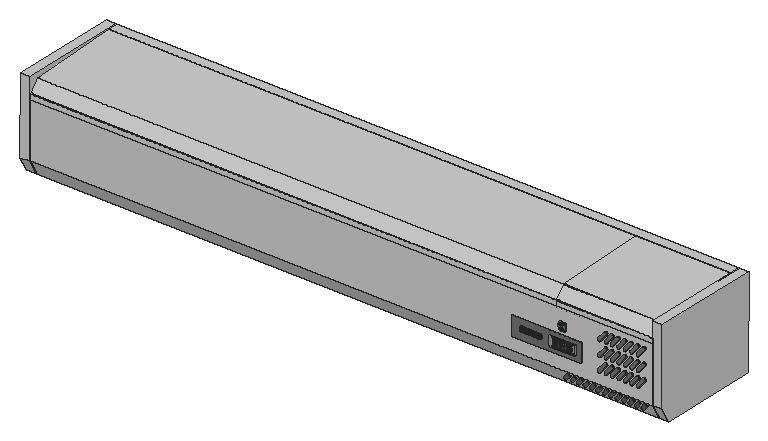
Revit family "QF_BLIZZARD_TOP2000-14EN", category Specialty Equipment, Revit 2016
Family settings
  Part Type = Normal
  Round Connector Dimension = Use Diameter
  OmniClass Number = 23.40.40.14
  OmniClass Title = Food Service Equipment
  Work Plane-Based = No
  Always vertical = Yes
  Cut with Voids When Loaded = No
  Shared = No
  Room Calculation Point = No
Parameters (values of type "TOP2000-14EN")
  URL = "www.blizzardequipment.com"
  Show Logo [instance] = yes
  Show Clearance [instance] = yes
  Model = "TOP2000-14EN"
  Manufacturer = "BLIZZARD"
  Description = "1/4 GASTRONORM PREP TOP WITH HINGED LID 2000MM"
  Assembly Code = "E1090320"
Reference planes
  plane 1 "Back": y = 0
  plane 2: z = 0
  plane 3 "Left": x = 0
  plane 4 "Right": x = 2000
  plane 5 "Front": y = -335
  plane 6 "Top": z = 281
Forms (mm)
  Extrusion 1, solid
    sketch origin (0, -4, -8) x (0, 1, 0) y (0, 0, 1)
      loop
        line (-331, 53) -> (-306, 8) -> (2.955, 8)
        arc (2.955, 8) -> (3.694, 8.306) -> (4, 9.045) r 1.045
        line (4, 9.045) -> (4, 289) -> (-331, 289) -> (-331, 53)
    from 0 to 30
  Extrusion 2, solid
    sketch origin (1970, -4, -8) x (0, 1, 0) y (0, 0, 1)
      loop
        line (-331, 53) -> (-306, 8) -> (2.955, 8)
        arc (2.955, 8) -> (3.694, 8.306) -> (4, 9.045) r 1.045
        line (4, 9.045) -> (4, 289) -> (-331, 289) -> (-331, 53)
    from 0 to 30
  Extrusion 3, solid
    sketch origin (-580, -4, -8) x (0, 1, 0) y (0, 0, 1)
      loop
        line (-331, 53) -> (-306, 8) -> (2.955, 8)
        arc (2.955, 8) -> (3.694, 8.306) -> (4, 9.045) r 1.045
        line (4, 9.045) -> (4, 289) -> (-26, 289) -> (-26, 38) -> (-288.348, 38) -> (-301, 60.774) -> (-301, 224.338) -> (-331, 224.338) -> (-331, 53)
    from 610 to 2550
  Extrusion 4, solid
    sketch origin (790, -333.5, -8.948) x (1, 0, 0) y (0, 0, 1)
      loop
        line (1030, 207.338) -> (1011.08, 183.441)
        arc (1011.08, 183.441) -> (1011.896, 176.418) -> (1018.92, 177.234) r 5
        line (1018.92, 177.234) -> (1037.84, 201.13)
        arc (1037.84, 201.13) -> (1037.024, 208.154) -> (1030, 207.338) r 5
      loop
        line (1050, 207.338) -> (1031.08, 183.441)
        arc (1031.08, 183.441) -> (1031.896, 176.418) -> (1038.92, 177.234) r 5
        line (1038.92, 177.234) -> (1057.84, 201.13)
        arc (1057.84, 201.13) -> (1057.024, 208.154) -> (1050, 207.338) r 5
      loop
        line (1070, 207.338) -> (1051.08, 183.441)
        arc (1051.08, 183.441) -> (1051.896, 176.418) -> (1058.92, 177.234) r 5
        line (1058.92, 177.234) -> (1077.84, 201.13)
        arc (1077.84, 201.13) -> (1077.024, 208.154) -> (1070, 207.338) r 5
      loop
        line (1090, 207.338) -> (1071.08, 183.441)
        arc (1071.08, 183.441) -> (1071.896, 176.418) -> (1078.92, 177.234) r 5
        line (1078.92, 177.234) -> (1097.84, 201.13)
        arc (1097.84, 201.13) -> (1097.024, 208.154) -> (1090, 207.338) r 5
      loop
        line (1110, 207.338) -> (1091.08, 183.441)
        arc (1091.08, 183.441) -> (1091.896, 176.418) -> (1098.92, 177.234) r 5
        line (1098.92, 177.234) -> (1117.84, 201.13)
        arc (1117.84, 201.13) -> (1117.024, 208.154) -> (1110, 207.338) r 5
      loop
        line (1130, 207.338) -> (1111.08, 183.441)
        arc (1111.08, 183.441) -> (1111.896, 176.418) -> (1118.92, 177.234) r 5
        line (1118.92, 177.234) -> (1137.84, 201.13)
        arc (1137.84, 201.13) -> (1137.024, 208.154) -> (1130, 207.338) r 5
      loop
        line (1150, 207.338) -> (1131.08, 183.441)
        arc (1131.08, 183.441) -> (1131.896, 176.418) -> (1138.92, 177.234) r 5
        line (1138.92, 177.234) -> (1157.84, 201.13)
        arc (1157.84, 201.13) -> (1157.024, 208.154) -> (1150, 207.338) r 5
      loop
        line (1030, 163.441) -> (1011.08, 139.545)
        arc (1011.08, 139.545) -> (1011.896, 132.521) -> (1018.92, 133.338) r 5
        line (1018.92, 133.338) -> (1037.84, 157.234)
        arc (1037.84, 157.234) -> (1037.024, 164.258) -> (1030, 163.441) r 5
      loop
        line (1050, 163.441) -> (1031.08, 139.545)
        arc (1031.08, 139.545) -> (1031.896, 132.521) -> (1038.92, 133.338) r 5
        line (1038.92, 133.338) -> (1057.84, 157.234)
        arc (1057.84, 157.234) -> (1057.024, 164.258) -> (1050, 163.441) r 5
      loop
        line (1070, 163.441) -> (1051.08, 139.545)
        arc (1051.08, 139.545) -> (1051.896, 132.521) -> (1058.92, 133.338) r 5
        line (1058.92, 133.338) -> (1077.84, 157.234)
        arc (1077.84, 157.234) -> (1077.024, 164.258) -> (1070, 163.441) r 5
      loop
        line (1090, 163.441) -> (1071.08, 139.545)
        arc (1071.08, 139.545) -> (1071.896, 132.521) -> (1078.92, 133.338) r 5
        line (1078.92, 133.338) -> (1097.84, 157.234)
        arc (1097.84, 157.234) -> (1097.024, 164.258) -> (1090, 163.441) r 5
      loop
        line (1110, 163.441) -> (1091.08, 139.545)
        arc (1091.08, 139.545) -> (1091.896, 132.521) -> (1098.92, 133.338) r 5
        line (1098.92, 133.338) -> (1117.84, 157.234)
        arc (1117.84, 157.234) -> (1117.024, 164.258) -> (1110, 163.441) r 5
      loop
        line (1130, 163.441) -> (1111.08, 139.545)
        arc (1111.08, 139.545) -> (1111.896, 132.521) -> (1118.92, 133.338) r 5
        line (1118.92, 133.338) -> (1137.84, 157.234)
        arc (1137.84, 157.234) -> (1137.024, 164.258) -> (1130, 163.441) r 5
      loop
        line (1150, 163.441) -> (1131.08, 139.545)
        arc (1131.08, 139.545) -> (1131.896, 132.521) -> (1138.92, 133.338) r 5
        line (1138.92, 133.338) -> (1157.84, 157.234)
        arc (1157.84, 157.234) -> (1157.024, 164.258) -> (1150, 163.441) r 5
      loop
        line (1030, 119.663) -> (1011.08, 95.767)
        arc (1011.08, 95.767) -> (1011.896, 88.743) -> (1018.92, 89.559) r 5
        line (1018.92, 89.559) -> (1037.84, 113.456)
        arc (1037.84, 113.456) -> (1037.024, 120.479) -> (1030, 119.663) r 5
      loop
        line (1050, 119.663) -> (1031.08, 95.767)
        arc (1031.08, 95.767) -> (1031.896, 88.743) -> (1038.92, 89.559) r 5
        line (1038.92, 89.559) -> (1057.84, 113.456)
        arc (1057.84, 113.456) -> (1057.024, 120.479) -> (1050, 119.663) r 5
      loop
        line (1070, 119.663) -> (1051.08, 95.767)
        arc (1051.08, 95.767) -> (1051.896, 88.743) -> (1058.92, 89.559) r 5
        line (1058.92, 89.559) -> (1077.84, 113.456)
        arc (1077.84, 113.456) -> (1077.024, 120.479) -> (1070, 119.663) r 5
      loop
        line (1090, 119.663) -> (1071.08, 95.767)
        arc (1071.08, 95.767) -> (1071.896, 88.743) -> (1078.92, 89.559) r 5
        line (1078.92, 89.559) -> (1097.84, 113.456)
        arc (1097.84, 113.456) -> (1097.024, 120.479) -> (1090, 119.663) r 5
      loop
        line (1110, 119.663) -> (1091.08, 95.767)
        arc (1091.08, 95.767) -> (1091.896, 88.743) -> (1098.92, 89.559) r 5
        line (1098.92, 89.559) -> (1117.84, 113.456)
        arc (1117.84, 113.456) -> (1117.024, 120.479) -> (1110, 119.663) r 5
      loop
        line (1130, 119.663) -> (1111.08, 95.767)
        arc (1111.08, 95.767) -> (1111.896, 88.743) -> (1118.92, 89.559) r 5
        line (1118.92, 89.559) -> (1137.84, 113.456)
        arc (1137.84, 113.456) -> (1137.024, 120.479) -> (1130, 119.663) r 5
      loop
        line (1150, 119.663) -> (1131.08, 95.767)
        arc (1131.08, 95.767) -> (1131.896, 88.743) -> (1138.92, 89.559) r 5
        line (1138.92, 89.559) -> (1157.84, 113.456)
        arc (1157.84, 113.456) -> (1157.024, 120.479) -> (1150, 119.663) r 5
    from 0 to 2
  Extrusion 5, solid
    sketch origin (1648, 205.936, 316.164) x (0, -0.34202, 0.939693) y (0, -0.939693, -0.34202)
      loop
        line (10.308, 247.326) -> (47.651, 233.734) -> (128.811, 499.195)
        arc (128.811, 499.195) -> (128.866, 499.813) -> (128.666, 500.4) r 1.501
        line (128.666, 500.4) -> (108.005, 535.217)
        arc (108.005, 535.217) -> (107.581, 535.724) -> (107.017, 536.068) r 2.032
        line (107.017, 536.068) -> (91.205, 542.456) -> (88.633, 535.39) -> (89.426, 502.22) -> (10.308, 247.326)
    from 24 to 322
  Extrusion 6, solid
    sketch origin (1250.536, -333.5, -1719.361) x (1, 0, 0) y (0, 0, 1)
      loop
        arc (285, 1864.135) -> (281.464, 1862.671) -> (280, 1859.135) r 5
        line (280, 1859.135) -> (280, 1809.135)
        arc (280, 1809.135) -> (281.464, 1805.6) -> (285, 1804.135) r 5
        line (285, 1804.135) -> (494.464, 1804.135)
        arc (494.464, 1804.135) -> (498, 1805.6) -> (499.464, 1809.135) r 5
        line (499.464, 1809.135) -> (499.464, 1859.135)
        arc (499.464, 1859.135) -> (498, 1862.671) -> (494.464, 1864.135) r 5
        line (494.464, 1864.135) -> (285, 1864.135)
    from 0 to 2
  Extrusion 7, solid
    sketch origin (1392.5, -333.5, -693.976) x (1, 0, 0) y (0, 0, 1)
      loop
        arc (260.5, 825) -> (258.379, 824.121) -> (257.5, 822) r 3
        line (257.5, 822) -> (257.5, 795.5)
        arc (257.5, 795.5) -> (258.379, 793.379) -> (260.5, 792.5) r 3
        line (260.5, 792.5) -> (334.5, 792.5)
        arc (334.5, 792.5) -> (336.621, 793.379) -> (337.5, 795.5) r 3
        line (337.5, 795.5) -> (337.5, 822)
        arc (337.5, 822) -> (336.621, 824.121) -> (334.5, 825) r 3
        line (334.5, 825) -> (260.5, 825)
    from 0 to 4
  Extrusion 8, solid
    sketch origin (1392.5, -336.5, -683.976) x (1, 0, 0) y (0, 0, 1)
      loop
        arc (278, 812.5) -> (275.879, 811.621) -> (275, 809.5) r 3
        line (275, 809.5) -> (275, 788)
        arc (275, 788) -> (275.879, 785.879) -> (278, 785) r 3
        line (278, 785) -> (317, 785)
        arc (317, 785) -> (319.121, 785.879) -> (320, 788) r 3
        line (320, 788) -> (320, 809.5)
        arc (320, 809.5) -> (319.121, 811.621) -> (317, 812.5) r 3
        line (317, 812.5) -> (278, 812.5)
    from 0 to 2
  Extrusion 9, solid
    sketch origin (1393.951, -337, -684.476) x (1, 0, 0) y (0, 0, 1)
      loop
        line (278.549, 800.5) -> (280.549, 800.5) -> (280.549, 809) -> (278.549, 809) -> (278.549, 800.5)
      loop
        line (278.549, 789) -> (280.549, 789) -> (280.549, 797) -> (278.549, 797) -> (278.549, 789)
      loop
        line (281.049, 811.5) -> (281.049, 809.5) -> (291.049, 809.5) -> (291.049, 811.5) -> (281.049, 811.5)
      loop
        line (293.549, 800.5) -> (293.549, 809) -> (291.549, 809) -> (291.549, 800.5) -> (293.549, 800.5)
      loop
        line (293.549, 789) -> (293.549, 797) -> (291.549, 797) -> (291.549, 789) -> (293.549, 789)
      loop
        line (281.049, 786.5) -> (291.049, 786.5) -> (291.049, 788.5) -> (281.049, 788.5) -> (281.049, 786.5)
      loop
        line (298.549, 800.5) -> (300.549, 800.5) -> (300.549, 809) -> (298.549, 809) -> (298.549, 800.5)
      loop
        line (301.049, 811.5) -> (301.049, 809.5) -> (311.049, 809.5) -> (311.049, 811.5) -> (301.049, 811.5)
      loop
        line (313.549, 800.5) -> (313.549, 809) -> (311.549, 809) -> (311.549, 800.5) -> (313.549, 800.5)
      loop
        line (313.549, 789) -> (313.549, 797) -> (311.549, 797) -> (311.549, 789) -> (313.549, 789)
      loop
        line (301.049, 798) -> (311.049, 798) -> (311.049, 800) -> (301.049, 800) -> (301.049, 798)
      loop
        line (301.049, 786.5) -> (311.049, 786.5) -> (311.049, 788.5) -> (301.049, 788.5) -> (301.049, 786.5)
      loop
        line (297.049, 786.5) -> (297.049, 788.5) -> (295.049, 788.5) -> (295.049, 786.5) -> (297.049, 786.5)
    from 0 to 2
  Extrusion 10, solid
    sketch origin (1365.5, -336, -1688.976) x (1, 0, 0) y (0, 0, 1)
      loop
        arc (300, 1815) -> (299.121, 1817.121) -> (297, 1818) r 3
        line (297, 1818) -> (292, 1818) -> (292, 1816) -> (297, 1816)
        arc (297, 1816) -> (297.707, 1815.707) -> (298, 1815) r 1
        line (298, 1815) -> (298, 1811.5) -> (295, 1811.5) -> (295, 1809.5) -> (298, 1809.5) -> (298, 1805) -> (295, 1805) -> (295, 1803) -> (298, 1803) -> (298, 1798.5) -> (295, 1798.5) -> (295, 1796.5) -> (298, 1796.5) -> (298, 1793)
        arc (298, 1793) -> (297.707, 1792.293) -> (297, 1792) r 1
        line (297, 1792) -> (292, 1792) -> (292, 1790) -> (297, 1790)
        arc (297, 1790) -> (299.121, 1790.879) -> (300, 1793) r 3
        line (300, 1793) -> (300, 1815)
      loop
        line (349, 1815) -> (349, 1793)
        arc (349, 1793) -> (349.879, 1790.879) -> (352, 1790) r 3
        line (352, 1790) -> (357, 1790) -> (357, 1792) -> (352, 1792)
        arc (352, 1792) -> (351.293, 1792.293) -> (351, 1793) r 1
        line (351, 1793) -> (351, 1796.5) -> (354, 1796.5) -> (354, 1798.5) -> (351, 1798.5) -> (351, 1803) -> (354, 1803) -> (354, 1805) -> (351, 1805) -> (351, 1809.5) -> (354, 1809.5) -> (354, 1811.5) -> (351, 1811.5) -> (351, 1815)
        arc (351, 1815) -> (351.293, 1815.707) -> (352, 1816) r 1
        line (352, 1816) -> (357, 1816) -> (357, 1818) -> (352, 1818)
        arc (352, 1818) -> (349.879, 1817.121) -> (349, 1815) r 3
    from 0 to 2
  Extrusion 11, solid
    sketch origin (6, 205.936, 316.164) x (0, -0.34202, 0.939693) y (0, -0.939693, -0.34202)
      loop
        line (10.308, 247.326) -> (47.651, 233.734) -> (128.811, 499.195)
        arc (128.811, 499.195) -> (128.866, 499.813) -> (128.666, 500.4) r 1.501
        line (128.666, 500.4) -> (108.005, 535.217)
        arc (108.005, 535.217) -> (107.581, 535.724) -> (107.017, 536.068) r 2.032
        line (107.017, 536.068) -> (91.205, 542.456) -> (88.633, 535.39) -> (89.426, 502.22) -> (10.308, 247.326)
    from 24 to 1964
  Extrusion 12, solid
    sketch origin (790, -228.186, -144.176) x (1, 0, 0) y (0, -0.485643, 0.874157)
      loop
        line (1030, 207.338) -> (1011.08, 183.441)
        arc (1011.08, 183.441) -> (1011.896, 176.418) -> (1018.92, 177.234) r 5
        line (1018.92, 177.234) -> (1037.84, 201.13)
        arc (1037.84, 201.13) -> (1037.024, 208.154) -> (1030, 207.338) r 5
      loop
        line (1050, 207.338) -> (1031.08, 183.441)
        arc (1031.08, 183.441) -> (1031.896, 176.418) -> (1038.92, 177.234) r 5
        line (1038.92, 177.234) -> (1057.84, 201.13)
        arc (1057.84, 201.13) -> (1057.024, 208.154) -> (1050, 207.338) r 5
      loop
        line (1070, 207.338) -> (1051.08, 183.441)
        arc (1051.08, 183.441) -> (1051.896, 176.418) -> (1058.92, 177.234) r 5
        line (1058.92, 177.234) -> (1077.84, 201.13)
        arc (1077.84, 201.13) -> (1077.024, 208.154) -> (1070, 207.338) r 5
      loop
        line (1090, 207.338) -> (1071.08, 183.441)
        arc (1071.08, 183.441) -> (1071.896, 176.418) -> (1078.92, 177.234) r 5
        line (1078.92, 177.234) -> (1097.84, 201.13)
        arc (1097.84, 201.13) -> (1097.024, 208.154) -> (1090, 207.338) r 5
      loop
        line (1110, 207.338) -> (1091.08, 183.441)
        arc (1091.08, 183.441) -> (1091.896, 176.418) -> (1098.92, 177.234) r 5
        line (1098.92, 177.234) -> (1117.84, 201.13)
        arc (1117.84, 201.13) -> (1117.024, 208.154) -> (1110, 207.338) r 5
      loop
        line (1130, 207.338) -> (1111.08, 183.441)
        arc (1111.08, 183.441) -> (1111.896, 176.418) -> (1118.92, 177.234) r 5
        line (1118.92, 177.234) -> (1137.84, 201.13)
        arc (1137.84, 201.13) -> (1137.024, 208.154) -> (1130, 207.338) r 5
      loop
        line (1150, 207.338) -> (1131.08, 183.441)
        arc (1131.08, 183.441) -> (1131.896, 176.418) -> (1138.92, 177.234) r 5
        line (1138.92, 177.234) -> (1157.84, 201.13)
        arc (1157.84, 201.13) -> (1157.024, 208.154) -> (1150, 207.338) r 5
      loop
        line (910, 207.338) -> (891.08, 183.441)
        arc (891.08, 183.441) -> (891.896, 176.418) -> (898.92, 177.234) r 5
        line (898.92, 177.234) -> (917.84, 201.13)
        arc (917.84, 201.13) -> (917.024, 208.154) -> (910, 207.338) r 5
      loop
        line (930, 207.338) -> (911.08, 183.441)
        arc (911.08, 183.441) -> (911.896, 176.418) -> (918.92, 177.234) r 5
        line (918.92, 177.234) -> (937.84, 201.13)
        arc (937.84, 201.13) -> (937.024, 208.154) -> (930, 207.338) r 5
      loop
        line (950, 207.338) -> (931.08, 183.441)
        arc (931.08, 183.441) -> (931.896, 176.418) -> (938.92, 177.234) r 5
        line (938.92, 177.234) -> (957.84, 201.13)
        arc (957.84, 201.13) -> (957.024, 208.154) -> (950, 207.338) r 5
      loop
        line (970, 207.338) -> (951.08, 183.441)
        arc (951.08, 183.441) -> (951.896, 176.418) -> (958.92, 177.234) r 5
        line (958.92, 177.234) -> (977.84, 201.13)
        arc (977.84, 201.13) -> (977.024, 208.154) -> (970, 207.338) r 5
      loop
        line (990, 207.338) -> (971.08, 183.441)
        arc (971.08, 183.441) -> (971.896, 176.418) -> (978.92, 177.234) r 5
        line (978.92, 177.234) -> (997.84, 201.13)
        arc (997.84, 201.13) -> (997.024, 208.154) -> (990, 207.338) r 5
      loop
        line (1010, 207.338) -> (991.08, 183.441)
        arc (991.08, 183.441) -> (991.896, 176.418) -> (998.92, 177.234) r 5
        line (998.92, 177.234) -> (1017.84, 201.13)
        arc (1017.84, 201.13) -> (1017.024, 208.154) -> (1010, 207.338) r 5
    from 0 to 2
  Extrusion 13, solid
    sketch origin (1682.5, -324.999, -637.226) x (1, 0, 0) y (0, 0, 1)
      loop
        arc (3, 815) -> (0.879, 814.121) -> (0, 812) r 3
        line (0, 812) -> (0, 798)
        arc (0, 798) -> (0.879, 795.879) -> (3, 795) r 3
        line (3, 795) -> (12, 795)
        arc (12, 795) -> (14.121, 795.879) -> (15, 798) r 3
        line (15, 798) -> (15, 812)
        arc (15, 812) -> (14.121, 814.121) -> (12, 815) r 3
        line (12, 815) -> (3, 815)
    from 9.001 to 20
  Extrusion 14, void
    sketch origin (1680, 315.001, -637.226) x (0, 1, 0) y (0, 0, 1)
      loop
        line (-659.545, 817.359) -> (-661.721, 817.359) -> (-661.721, 793) -> (-653.921, 793) -> (-659.545, 817.359)
    from 0 to 20
  Extrusion 15, solid
    sketch origin (1682.5, -333, -637.226) x (1, 0, 0) y (0, 0, 1)
      loop
        arc (3, 818) -> (-1.243, 816.243) -> (-3, 812) r 6
        line (-3, 812) -> (-3, 798)
        arc (-3, 798) -> (-1.243, 793.757) -> (3, 792) r 6
        line (3, 792) -> (12, 792)
        arc (12, 792) -> (16.243, 793.757) -> (18, 798) r 6
        line (18, 798) -> (18, 812)
        arc (18, 812) -> (16.243, 816.243) -> (12, 818) r 6
        line (12, 818) -> (3, 818)
    from 0 to 4
  Extrusion 16, solid
    sketch origin (1320.219, -160.033, -612.402) x (1, 0, 0) y (0, -0.224951, 0.97437)
      loop
        line (368.781, 810.281) -> (368.781, 805.281) -> (370.781, 805.281) -> (370.781, 810.281) -> (368.781, 810.281)
    from 0 to 2
  Extrusion 17, solid
    sketch origin (1320.219, -156.884, -626.044) x (1, 0, 0) y (0, -0.224951, 0.97437)
      loop
        circle (369.781, 809.781) r 2.5
      loop
        circle (369.781, 809.781) r 3.5
    from 0 to 2
  Extrusion 18, solid, visible <- "Show Logo"
    sketch origin (1532.91, -333.7, -23.209) x (1, 0, 0) y (0, 0, 1)
      loop
        line (30.3, 133.137) -> (36.162, 133.137)
        arc (36.162, 133.137) -> (39.122, 134.994) -> (38.048, 138.319) r 2.844
        arc (38.048, 138.319) -> (38.838, 141.267) -> (36.338, 143.017) r 2.66
        line (36.338, 143.017) -> (31.338, 143.017) -> (30.3, 133.137)
      loop
        line (33.066, 135.126) -> (35.993, 135.126)
        arc (35.993, 135.126) -> (36.943, 136.076) -> (35.993, 137.026) r 0.95
        line (35.993, 137.026) -> (33.066, 137.026) -> (33.066, 135.126)
      loop
        line (33.528, 139.285) -> (36.147, 139.285)
        arc (36.147, 139.285) -> (36.994, 140.133) -> (36.147, 140.98) r 0.847
        line (36.147, 140.98) -> (33.528, 140.98) -> (33.528, 139.285)
      loop
        line (40.306, 133.137) -> (42.874, 133.137) -> (43.912, 143.017) -> (41.344, 143.017) -> (40.306, 133.137)
      loop
        line (45.174, 140.98) -> (47.749, 140.98) -> (47.964, 143.017) -> (45.389, 143.017) -> (45.174, 140.98)
      loop
        line (45.104, 140.313) -> (44.35, 133.137) -> (46.671, 133.137) -> (47.425, 140.313) -> (45.104, 140.313)
      loop
        line (48.314, 138.359) -> (51.196, 138.359) -> (47.765, 134.548) -> (47.765, 133.137) -> (54.184, 133.137) -> (54.393, 135.126) -> (51.213, 135.126) -> (54.657, 138.952) -> (54.657, 140.313) -> (48.519, 140.313) -> (48.314, 138.359)
      loop
        line (55.213, 138.359) -> (58.095, 138.359) -> (54.664, 134.548) -> (54.664, 133.137) -> (61.084, 133.137) -> (61.293, 135.126) -> (58.112, 135.126) -> (61.557, 138.952) -> (61.557, 140.313) -> (55.419, 140.313) -> (55.213, 138.359)
      loop
        arc (64.816, 137.983) -> (65.785, 138.952) -> (66.753, 137.983) r 0.969
        line (66.753, 137.983) -> (64.711, 137.436)
        arc (64.711, 137.436) -> (62.642, 134.297) -> (66.342, 133.633) r 2.251
        line (66.342, 133.633) -> (66.77, 132.921) -> (69.168, 132.921) -> (68.641, 134.052) -> (69.084, 138.274)
        arc (69.084, 138.274) -> (65.782, 140.567) -> (62.514, 138.225) r 3.488
        line (62.514, 138.225) -> (64.816, 137.983)
      loop
        line (69.848, 133.137) -> (72.232, 133.137) -> (72.59, 136.546)
        arc (72.59, 136.546) -> (73.413, 137.974) -> (75.025, 138.32) r 2.029
        line (75.025, 138.32) -> (75.83, 140.313)
        arc (75.83, 140.313) -> (74.279, 140.541) -> (72.927, 139.749) r 2.362
        line (72.927, 139.749) -> (72.927, 140.627) -> (70.635, 140.627) -> (69.848, 133.137)
      loop
        line (82.596, 133.137) -> (83.635, 143.017) -> (81.373, 143.017) -> (81.031, 139.764)
        arc (81.031, 139.764) -> (75.402, 137.124) -> (80.359, 133.372) r 3.631
        line (80.359, 133.372) -> (82.596, 133.137)
      loop
        spline (78.956, 134.82) -> (79.32, 134.851) -> (79.675, 135.016) -> (79.994, 135.304) -> (80.258, 135.695) -> (80.446, 136.164) -> (80.548, 136.677) -> (80.555, 137.2) -> (80.468, 137.697) -> (80.292, 138.134) -> (80.039, 138.483) -> (79.727, 138.718) -> (79.376, 138.823)
        spline (79.376, 138.823) -> (79.011, 138.793) -> (78.657, 138.628) -> (78.338, 138.34) -> (78.074, 137.948) -> (77.886, 137.48) -> (77.784, 136.967) -> (77.777, 136.444) -> (77.864, 135.947) -> (78.04, 135.509) -> (78.293, 135.161) -> (78.605, 134.926) -> (78.956, 134.82)
      loop
        line (66.385, 136.28) -> (64.729, 135.958)
        arc (64.729, 135.958) -> (64.361, 135.233) -> (65.042, 134.788) r 0.609
        arc (65.042, 134.788) -> (66.068, 135.215) -> (66.385, 136.28) r 1.295
      loop
        line (85.459, 146.184) -> (29.578, 146.184)
        arc (29.578, 146.184) -> (25.494, 144.492) -> (23.802, 140.407) r 5.777
        line (23.802, 140.407) -> (23.802, 135.662)
        arc (23.802, 135.662) -> (25.494, 131.578) -> (29.578, 129.886) r 5.777
        line (29.578, 129.886) -> (85.459, 129.886)
        arc (85.459, 129.886) -> (89.544, 131.578) -> (91.236, 135.662) r 5.777
        line (91.236, 135.662) -> (91.236, 140.407)
        arc (91.236, 140.407) -> (89.544, 144.492) -> (85.459, 146.184) r 5.777
      loop
        line (85.459, 145.184) -> (29.578, 145.184)
        arc (29.578, 145.184) -> (26.201, 143.785) -> (24.802, 140.407) r 4.777
        line (24.802, 140.407) -> (24.802, 135.662)
        arc (24.802, 135.662) -> (26.201, 132.285) -> (29.578, 130.886) r 4.777
        line (29.578, 130.886) -> (85.459, 130.886)
        arc (85.459, 130.886) -> (88.837, 132.285) -> (90.236, 135.662) r 4.777
        line (90.236, 135.662) -> (90.236, 140.407)
        arc (90.236, 140.407) -> (88.837, 143.785) -> (85.459, 145.184) r 4.777
    from 0 to 2
  Extrusion 19, solid, visible <- "Show Clearance", detail levels coarse
    sketch origin (0, 0, 0) x (0, 1, 0) y (0, 0, 1)
      loop
        line (-30, 281) -> (-30, 586)
        arc (-30, 586) -> (-251.287, 490.87) -> (-335, 265.016) r 305.715
        line (-335, 265.016) -> (-30, 281)
    from 30 to 1665
  Extrusion 20, solid, visible <- "Show Clearance", detail levels coarse
    sketch origin (1105, 0, 0) x (0, 1, 0) y (0, 0, 1)
      loop
        line (-30, 281) -> (-30, 586)
        arc (-30, 586) -> (-251.287, 490.87) -> (-335, 265.016) r 305.715
        line (-335, 265.016) -> (-30, 281)
    from 567 to 865
Cuts and joins
  Extrusion 14 cuts Extrusion 13
Lines and regions (mm)
  symbolic lines, style "200-EquipBorder-2D"
    curve 1: line (0, 0, 0) -> (2000, 0, 0)
    curve 2: line (0, -335, 0) -> (0, 0, 0)
    curve 3: line (2000, -335, 0) -> (0, -335, 0)
    curve 4: line (2000, 0, 0) -> (2000, -335, 0)
  symbolic lines, style "200-EquipInternal-2D"
    curve 5: line (30, -30, 0) -> (30, -335, 0)
    curve 6: line (1970, -30, 0) -> (30, -30, 0)
    curve 7: line (1970, -335, 0) -> (1970, -30, 0)
    curve 8: line (1665, -335, 0) -> (1665, -30, 0)
    curve 9: line (1672, -30, 0) -> (1672, -335, 0)
Dimensions and locks
  plane 3 "Left" to plane 4 "Right" = 2000 mm
  plane 5 "Front" to plane 1 "Back" = 335 mm
  plane 6 "Top" to level = 281 mm  (x2)
  plane 1 "Back" to plane 5 "Front" = 335 mm
  plane 4 "Right" to plane 3 "Left" = 2000 mm
  aligned and locked: level to plane 2
